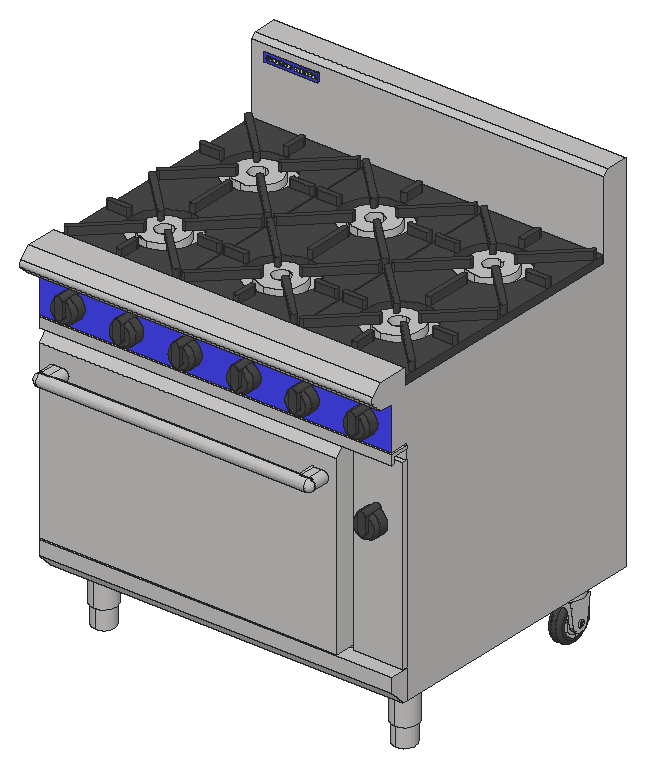
Revit family "QF_MOFFAT_BLUESEAL_CE_GE56D", category Specialty Equipment, Revit 2012
Parameters
  Width = 900 mm  # constant formula
  Weight in Pounds = 440
  Watts = 6600 W
  Volts = 400 V
  URL Cutsheet = "www.moffat.com"
  URL = "www.moffat.com"
  Type Mark [instance] = ""
  Status [instance] = ""
  Specification by User [instance] = ""
  Specification by Manufacturer = ""
  Show Logo [instance] = yes
  Show Clearance [instance] = yes
  Show Casters [instance] = yes
  Serial Number = ""
  Seismic Rating = ""
  SMACNA No = ""
  Revision Code [instance] = ""
  Phase = 3
  Omniclass Number and Title = ""
  Number of Poles [instance] = 1
  NAFEM Spec ID Number = ""
  Model = "GE56D"
  Min Ckt Ampacity = 0 A
  Mechanical Remarks = ""
  Mechanical Connection Type [instance] = ""
  Max Overcurrent Protection = 0 A
  Masterspec = ""
  Manufacturer = "MOFFAT BLUESEAL"
  Legs [instance] = not(Show Casters)  # no
  Item Number [instance] = ""
  Installed By [instance] = ""
  Identify Quantity as Lot [instance] = yes
  Height = 970 mm  # constant formula
  HP = ""
  Gas Size = 3/4"
  Gas RI Height [instance] = 0 mm
  Gas KW [instance] = 46.6
  Gas Input [instance] = 159233.0 Btu/h
  Gas Connection Height = 0 mm
  Furnished By [instance] = ""
  Foodservice Equipment Identifier [instance] = yes
  FL Amps = 9.4 A
  Electrical Remarks = "9.4A PER PHASE"
  Electric Connection Type = ""
  Elec Conn RI Height = 0 mm
  Elec Conn Connection Height = 0 mm
  Description = "900MM GAS RANGE WITH  ELECTRIC CONVECTION OVEN"
  Depth = 812 mm  # constant formula
  Cycle = 50 Hz
  Conn Plug = ""
  Conn Conduit = yes
  CSI MasterFormat = ""
  CSI Master Format = ""
  Body Finish = QF_Finishes_Stainless Steel
  Apparent Power = 0 VA
Reference planes
  plane 1 "BACK": y = 0
  plane 2: z = 0
  plane 3 "LEFT": x = 0
  plane 4 "RIGHT": x = 900
  plane 5 "FRONT": y = -812
  plane 6 "TOP": z = 970
  plane 7 "Center Y": x = 450
  plane 8 "Center X": y = -406
  plane 9: x = 280
  plane 10: y = -574.272
  plane 11: x = 60
  plane 12: y = -304.972
  plane 13: y = -364.972
  plane 14: x = 74
  plane 15: y = -812
  plane 16: x = 834.5
  plane 17: y = -32
  plane 18: z = 655
  plane 19: y = -100
  plane 20: z = 1085
  plane 21: y = -705
  plane 22: x = 65.8
  plane 23: x = 534.2
  plane 24: x = 834.2
Forms (mm)
  Extrusion 1, solid, material "QF_Finishes_Stainless Steel" <- "Body Finish"
    sketch origin (0, 0, 0) x (0, 1, 0) y (0, 0, 1)
      loop
        line (0, 150) -> (0, 1085) -> (-57.5, 1085) -> (-70, 1072.5) -> (-70, 875) -> (-705, 875) -> (-705, 915) -> (-783.97, 915) -> (-808.476, 890.494)
        arc (-808.476, 890.494) -> (-811.994, 882) -> (-808.476, 873.506) r 12.013
        line (-808.476, 873.506) -> (-784.97, 850) -> (-749, 850) -> (-749, 740) -> (-699, 740) -> (-699, 150) -> (0, 150)
    from 0 to 900
  Extrusion 2, solid, material "QF_Finishes_Stainless Steel"
    sketch origin (0, 7, 0) x (0, 1, 0) y (0, 0, 1)
      loop
        line (-706, 700) -> (-732, 700) -> (-756, 676) -> (-756, 227.5) -> (-706, 227.5) -> (-706, 700)
    from 0 to 760
  Extrusion 3, solid, material "QF_Finishes_Stainless Steel"
    sketch origin (723.5, 7, 0) x (0, 1, 0) y (0, 0, 1)
      loop
        line (-706, 700) -> (-721, 700) -> (-721, 227.5) -> (-706, 227.5) -> (-706, 700)
    from 51.5 to 176.5
  Revolve 4, solid, material "QF_Finishes_Stainless Steel" <- "Body Finish"
    sketch origin (834.5, -696.126, 0) x (0, 1, 0) y (0, 0, -1)
      loop
        line (39.376, -150) -> (71.126, -150) -> (71.126, 0) -> (43.626, 0) -> (43.626, -50) -> (39.376, -50) -> (39.376, -150)
      axis (71.126, -150) -> (71.126, 0)
    angle from 0 to 360
  Revolve 5, solid, material "QF_Finishes_Stainless Steel" <- "Body Finish"
    sketch origin (65.5, -696.126, 0) x (0, 1, 0) y (0, 0, 1)
      loop
        line (39.376, 150) -> (39.376, 50) -> (43.626, 50) -> (43.626, 0) -> (71.126, 0) -> (71.126, 150) -> (39.376, 150)
      axis (71.126, 150) -> (71.126, 0)
    angle from 0 to 360
  Extrusion 6, solid, material "QF_Finishes_Stainless Steel"
    sketch origin (-64.5, 0, 325) x (1, 0, 0) y (0, 1, 0)
      loop
        circle (834.5, -32) r 10
    from 330 to 371
  Revolve 7, solid, material "QF_Finishes_Black"
    sketch origin (839.351, 45.874, -0.118) x (0, 1, 0) y (0, 0, 1)
      loop
        line (-827.874, 829.5) -> (-838.874, 823.651) -> (-838.874, 797) -> (-794.874, 797) -> (-794.874, 802) -> (-804.874, 802) -> (-804.874, 829.5) -> (-827.874, 829.5)
      axis (-838.874, 797) -> (-794.874, 797)
    angle from 0 to 360
  Revolve 8, solid, material "QF_Finishes_Black"
    sketch origin (689.351, 45.874, -0.118) x (0, 1, 0) y (0, 0, 1)
      loop
        line (-827.874, 829.5) -> (-838.874, 823.651) -> (-838.874, 797) -> (-794.874, 797) -> (-794.874, 802) -> (-804.874, 802) -> (-804.874, 829.5) -> (-827.874, 829.5)
      axis (-838.874, 797) -> (-794.874, 797)
    angle from 0 to 360
  Revolve 9, solid, material "QF_Finishes_Black"
    sketch origin (90.649, 45.874, -0.118) x (0, 1, 0) y (0, 0, -1)
      loop
        line (-827.874, -829.5) -> (-804.874, -829.5) -> (-804.874, -802) -> (-794.874, -802) -> (-794.874, -797) -> (-838.874, -797) -> (-838.874, -823.651) -> (-827.874, -829.5)
      axis (-838.874, -797) -> (-794.874, -797)
    angle from 0 to 360
  Revolve 10, solid, material "QF_Finishes_Black"
    sketch origin (240.649, 45.874, -0.118) x (0, 1, 0) y (0, 0, -1)
      loop
        line (-827.874, -829.5) -> (-804.874, -829.5) -> (-804.874, -802) -> (-794.874, -802) -> (-794.874, -797) -> (-838.874, -797) -> (-838.874, -823.651) -> (-827.874, -829.5)
      axis (-838.874, -797) -> (-794.874, -797)
    angle from 0 to 360
  Revolve 11, solid, material "QF_Finishes_Black"
    sketch origin (390.625, 45.874, -0.118) x (0, 1, 0) y (0, 0, -1)
      loop
        line (-827.874, -829.5) -> (-804.874, -829.5) -> (-804.874, -802) -> (-794.874, -802) -> (-794.874, -797) -> (-838.874, -797) -> (-838.874, -823.651) -> (-827.874, -829.5)
      axis (-838.874, -797) -> (-794.874, -797)
    angle from 0 to 360
  Extrusion 12, solid, material "QF_Finishes_Black"
    sketch origin (238.456, 7, -0.118) x (-1, 0, 0) y (0, 0, -1)
      loop
        arc (158.3, -789) -> (148.3, -779) -> (138.3, -789) r 10
        line (138.3, -789) -> (138.3, -824)
        arc (138.3, -824) -> (148.3, -834) -> (158.3, -824) r 10
        line (158.3, -824) -> (158.3, -789)
    from 759 to 808
  Extrusion 13, solid, material "QF_Finishes_Black"
    sketch origin (388.456, 7, -0.118) x (-1, 0, 0) y (0, 0, -1)
      loop
        arc (158.3, -789) -> (148.3, -779) -> (138.3, -789) r 10
        line (138.3, -789) -> (138.3, -824)
        arc (138.3, -824) -> (148.3, -834) -> (158.3, -824) r 10
        line (158.3, -824) -> (158.3, -789)
    from 759 to 808
  Extrusion 14, solid, material "QF_Finishes_Black"
    sketch origin (691.544, 7, -0.118) x (1, 0, 0) y (0, 0, 1)
      loop
        line (158.3, 789) -> (158.3, 824)
        arc (158.3, 824) -> (148.3, 834) -> (138.3, 824) r 10
        line (138.3, 824) -> (138.3, 789)
        arc (138.3, 789) -> (148.3, 779) -> (158.3, 789) r 10
    from 759 to 808
  Extrusion 15, solid, material "QF_Finishes_Black"
    sketch origin (541.544, 7, -0.118) x (1, 0, 0) y (0, 0, 1)
      loop
        line (158.3, 789) -> (158.3, 824)
        arc (158.3, 824) -> (148.3, 834) -> (138.3, 824) r 10
        line (138.3, 824) -> (138.3, 789)
        arc (138.3, 789) -> (148.3, 779) -> (158.3, 789) r 10
    from 759 to 808
  Extrusion 16, solid, material "QF_Finishes_Black"
    sketch origin (538.432, 7, -0.118) x (-1, 0, 0) y (0, 0, -1)
      loop
        arc (158.3, -789) -> (148.3, -779) -> (138.3, -789) r 10
        line (138.3, -789) -> (138.3, -824)
        arc (138.3, -824) -> (148.3, -834) -> (158.3, -824) r 10
        line (158.3, -824) -> (158.3, -789)
    from 759 to 808
  Extrusion 17, solid, material "QF_Finishes_Black"
    sketch origin (688.432, 7, -0.118) x (-1, 0, 0) y (0, 0, -1)
      loop
        arc (158.3, -789) -> (148.3, -779) -> (138.3, -789) r 10
        line (138.3, -789) -> (138.3, -824)
        arc (138.3, -824) -> (148.3, -834) -> (158.3, -824) r 10
        line (158.3, -824) -> (158.3, -789)
    from 759 to 808
  Revolve 18, solid, material "QF_Finishes_Black"
    sketch origin (836.851, 80.874, -245.743) x (0, 1, 0) y (0, 0, 1)
      loop
        line (-827.874, 829.5) -> (-838.874, 823.651) -> (-838.874, 797) -> (-794.874, 797) -> (-794.874, 802) -> (-804.874, 802) -> (-804.874, 829.5) -> (-827.874, 829.5)
      axis (-838.874, 797) -> (-794.874, 797)
    angle from 0 to 360
  Extrusion 19, solid, material "QF_Finishes_Black"
    sketch origin (689.044, 42, -245.743) x (1, 0, 0) y (0, 0, 1)
      loop
        line (158.3, 789) -> (158.3, 824)
        arc (158.3, 824) -> (148.3, 834) -> (138.3, 824) r 10
        line (138.3, 824) -> (138.3, 789)
        arc (138.3, 789) -> (148.3, 779) -> (158.3, 789) r 10
    from 759 to 808
  Extrusion 20, solid, material "QF_Door-Drawer Clearances", visible <- "Show Clearance", detail levels coarse
    sketch origin (0, 7, 0) x (0, -1, 0) y (0, 0, 1)
      loop
        line (756, 697.347) -> (756, 227.5) -> (1225.847, 227.5)
        arc (1225.847, 227.5) -> (1088.232, 559.732) -> (756, 697.347) r 469.847
    from 0 to -760
  Extrusion 21, void
    sketch origin (0, 0, 220) x (1, 0, 0) y (0, 1, 0)
      loop
        line (824, -87) -> (824, 0) -> (694, 0) -> (694, -39) -> (744, -87) -> (824, -87)
    from 0 to 476
  Revolve 22, solid, material "QF_Finishes_Black"
    sketch origin (540.625, 45.874, -0.118) x (0, 1, 0) y (0, 0, -1)
      loop
        line (-827.874, -829.5) -> (-804.874, -829.5) -> (-804.874, -802) -> (-794.874, -802) -> (-794.874, -797) -> (-838.874, -797) -> (-838.874, -823.651) -> (-827.874, -829.5)
      axis (-838.874, -797) -> (-794.874, -797)
    angle from 0 to 360
  Extrusion 23, solid, material "QF_Finishes_Stainless Steel"
    sketch origin (0, -749, 227.5) x (0, 0, 1) y (-1, 0, 0)
      loop
        line (380.625, -38.246) -> (380.625, -58.528)
        arc (380.625, -58.528) -> (395.625, -73.528) -> (410.625, -58.528) r 15
        line (410.625, -58.528) -> (410.625, -38.246)
        arc (410.625, -38.246) -> (395.625, -23.246) -> (380.625, -38.246) r 15
      loop
        arc (380.625, -723.039) -> (395.625, -738.039) -> (410.625, -723.039) r 15
        line (410.625, -723.039) -> (410.625, -702.757)
        arc (410.625, -702.757) -> (395.625, -687.757) -> (380.625, -702.757) r 15
        line (380.625, -702.757) -> (380.625, -723.039)
    from 0 to 44
  Revolve 24, solid, material "QF_Finishes_Stainless Steel"
    sketch origin (0, -793, 0) x (1, 0, 0) y (0, 0, 1)
      loop
        arc (738.039, 623.125) -> (733.646, 633.732) -> (723.039, 638.125) r 15
        line (723.039, 638.125) -> (38.246, 638.125)
        arc (38.246, 638.125) -> (27.64, 633.732) -> (23.246, 623.125) r 15
        line (23.246, 623.125) -> (738.039, 623.125)
      axis (738.039, 623.125) -> (23.246, 623.125)
    angle from 0 to 360
  Extrusion 25, solid, material "QF_Finishes_Stainless Steel" <- "Body Finish"
    sketch origin (0, 7, 0) x (0, 1, 0) y (0, 0, 1)
      loop
        line (-756, 710) -> (-747.224, 710) -> (-749.613, 726.999) -> (-707.93, 726.999) -> (-707.93, 734.003) -> (-756, 734.003) -> (-756, 710)
    from 0 to 900
  Extrusion 26, solid, material "QF_Finishes_Stainless Steel" <- "Body Finish"
    sketch origin (0, 4.73, 0) x (0, 1, 0) y (0, 0, 1)
      loop
        line (-753.73, 222.5) -> (-753.73, 186) -> (-717.73, 150) -> (-703.73, 150) -> (-703.73, 222.5) -> (-753.73, 222.5)
    from 0 to 900
  Extrusion 27, solid, material "QF_Finishes_Stainless Steel", visible <- "Show Casters"
    sketch origin (71.501, 133.353, -8.783) x (0, 1, 0) y (0, 0, 1)
      loop
        line (-201.603, 118.783) -> (-265.103, 118.783) -> (-252.746, 53.895)
        arc (-252.746, 53.895) -> (-233.353, 38.783) -> (-213.959, 53.895) r 20
        line (-213.959, 53.895) -> (-201.603, 118.783)
    from -35.667 to 22.923
  Revolve 28, solid, material "QF_Finishes_Stainless Steel", visible <- "Show Casters"
    sketch origin (65, -203, 0) x (0, 1, 0) y (0, 0, 1)
      loop
        line (67.25, 150) -> (67.25, 110) -> (103, 110) -> (103, 150) -> (67.25, 150)
      axis (103, 150) -> (103, 110)
    angle from 0 to 360
  Revolve 29, solid, material "QF_Finishes_Stainless Steel", visible <- "Show Casters"
    sketch origin (834.5, -203, 0) x (0, 1, 0) y (0, 0, -1)
      loop
        line (67.25, -150) -> (103, -150) -> (103, -110) -> (67.25, -110) -> (67.25, -150)
      axis (103, -150) -> (103, -110)
    angle from 0 to 360
  Revolve 30, solid, material "QF_Finishes_Stainless Steel", visible <- "Show Casters"
    sketch origin (785.276, -99.755, -13.653) x (1, 0, 0) y (0, 0, 1)
      loop
        line (14.841, 64.453) -> (83.584, 64.453) -> (83.584, 67.958) -> (82.314, 69.228) -> (80.79, 69.228) -> (80.79, 72.674) -> (68.644, 72.674) -> (68.644, 82.639) -> (65.088, 84.692) -> (63.738, 93.028) -> (65.881, 93.028) -> (65.881, 99.378) -> (65.088, 99.378) -> (65.088, 105.728)
        arc (65.088, 105.728) -> (62.298, 112.463) -> (55.563, 115.253) r 9.525
        line (55.563, 115.253) -> (42.863, 115.253)
        arc (42.863, 115.253) -> (36.127, 112.463) -> (33.338, 105.728) r 9.525
        line (33.338, 105.728) -> (33.338, 99.378) -> (32.544, 99.378) -> (32.544, 93.028) -> (34.687, 93.028) -> (33.352, 84.781) -> (29.782, 82.719) -> (29.782, 72.674) -> (17.635, 72.674) -> (17.635, 69.228) -> (16.111, 69.228) -> (14.841, 67.958) -> (14.841, 64.453)
      axis (14.841, 64.453) -> (83.584, 64.453)
    angle from 0 to 360
  Extrusion 31, solid, material "QF_Finishes_Stainless Steel", visible <- "Show Casters"
    sketch origin (841.001, 133.353, -8.783) x (0, 1, 0) y (0, 0, 1)
      loop
        line (-201.603, 118.783) -> (-265.103, 118.783) -> (-252.746, 53.895)
        arc (-252.746, 53.895) -> (-233.353, 38.783) -> (-213.959, 53.895) r 20
        line (-213.959, 53.895) -> (-201.603, 118.783)
    from -35.667 to 22.923
  Revolve 32, solid, material "QF_Finishes_Stainless Steel", visible <- "Legs"
    sketch origin (65, -165, 0) x (0, 1, 0) y (0, 0, 1)
      loop
        line (33.25, 150) -> (33.25, 50) -> (37.5, 50) -> (37.5, 0) -> (65, 0) -> (65, 150) -> (33.25, 150)
      axis (65, 150) -> (65, 0)
    angle from 0 to 360
  Revolve 33, solid, material "QF_Finishes_Stainless Steel", visible <- "Legs"
    sketch origin (834.5, -165, 0) x (0, 1, 0) y (0, 0, -1)
      loop
        line (33.25, -150) -> (65, -150) -> (65, 0) -> (37.5, 0) -> (37.5, -50) -> (33.25, -50) -> (33.25, -150)
      axis (65, -150) -> (65, 0)
    angle from 0 to 360
  Revolve 34, solid, material "QF_Finishes_Stainless Steel", visible <- "Show Casters"
    sketch origin (114.224, -99.755, -13.653) x (-1, 0, 0) y (0, 0, -1)
      loop
        line (14.841, -64.453) -> (14.841, -67.958) -> (16.111, -69.228) -> (17.635, -69.228) -> (17.635, -72.674) -> (29.782, -72.674) -> (29.782, -82.719) -> (33.352, -84.781) -> (34.687, -93.028) -> (32.544, -93.028) -> (32.544, -99.378) -> (33.338, -99.378) -> (33.338, -105.728)
        arc (33.338, -105.728) -> (36.127, -112.463) -> (42.863, -115.253) r 9.525
        line (42.863, -115.253) -> (55.563, -115.253)
        arc (55.563, -115.253) -> (62.298, -112.463) -> (65.088, -105.728) r 9.525
        line (65.088, -105.728) -> (65.088, -99.378) -> (65.881, -99.378) -> (65.881, -93.028) -> (63.738, -93.028) -> (65.088, -84.692) -> (68.644, -82.639) -> (68.644, -72.674) -> (80.79, -72.674) -> (80.79, -69.228) -> (82.314, -69.228) -> (83.584, -67.958) -> (83.584, -64.453) -> (14.841, -64.453)
      axis (14.841, -64.453) -> (83.584, -64.453)
    angle from 0 to 360
  Extrusion 35, solid, material "QF_Finishes_Black"
    sketch origin (0, -70, 875) x (0, -1, 0) y (1, 0, 0)
      loop
        arc (1, 4) -> (1.879, 1.879) -> (4, 1) r 3
        line (4, 1) -> (632, 1)
        arc (632, 1) -> (634.121, 1.879) -> (635, 4) r 3
        line (635, 4) -> (635, 297)
        arc (635, 297) -> (634.121, 299.121) -> (632, 300) r 3
        line (632, 300) -> (4, 300)
        arc (4, 300) -> (1.879, 299.121) -> (1, 297) r 3
        line (1, 297) -> (1, 4)
      loop
        circle (167.5, 150) r 85
      loop
        circle (467.768, 150) r 85
    from 0 to 19.5
  Extrusion 36, solid, material "QF_Finishes_Black"
    sketch origin (0, -73.5, 894.5) x (0, -1, 0) y (1, 0, 0)
      loop
        spline (323.602, 15.153) -> (322.681, 13.924) -> (322.131, 12.47) -> (321.99, 10.89) -> (322.267, 9.292) -> (322.943, 7.786) -> (323.973, 6.473) -> (325.286, 5.443) -> (326.792, 4.767) -> (328.39, 4.49) -> (329.97, 4.631) -> (331.424, 5.181) -> (332.653, 6.102)
        line (332.653, 6.102) -> (440.576, 114.025)
        spline (440.576, 114.025) -> (441.337, 115.095) -> (441.738, 116.399) -> (441.751, 117.851) -> (441.375, 119.35) -> (440.637, 120.795) -> (439.586, 122.086) -> (438.295, 123.137) -> (436.85, 123.875) -> (435.351, 124.251) -> (433.899, 124.238) -> (432.595, 123.837) -> (431.525, 123.076)
        line (431.525, 123.076) -> (323.602, 15.153)
      loop
        spline (371.852, 143.6) -> (373.146, 143.818) -> (374.352, 144.457) -> (375.388, 145.475) -> (376.182, 146.8) -> (376.682, 148.344) -> (376.852, 150) -> (376.682, 151.656) -> (376.182, 153.2) -> (375.388, 154.525) -> (374.352, 155.543) -> (373.146, 156.182) -> (371.852, 156.4)
        line (371.852, 156.4) -> (259.398, 156.4)
        spline (259.398, 156.4) -> (258.104, 156.182) -> (256.898, 155.543) -> (255.862, 154.525) -> (255.068, 153.2) -> (254.568, 151.656) -> (254.398, 150) -> (254.568, 148.344) -> (255.068, 146.8) -> (255.862, 145.475) -> (256.898, 144.457) -> (258.104, 143.818) -> (259.398, 143.6)
        line (259.398, 143.6) -> (371.852, 143.6)
      loop
        line (311.398, 15.153) -> (203.475, 123.076)
        spline (203.475, 123.076) -> (202.405, 123.837) -> (201.101, 124.238) -> (199.649, 124.251) -> (198.15, 123.875) -> (196.705, 123.137) -> (195.414, 122.086) -> (194.363, 120.795) -> (193.625, 119.35) -> (193.249, 117.851) -> (193.262, 116.399) -> (193.663, 115.095) -> (194.424, 114.025)
        line (194.424, 114.025) -> (302.347, 6.102)
        spline (302.347, 6.102) -> (303.416, 5.341) -> (304.721, 4.941) -> (306.172, 4.928) -> (307.671, 5.303) -> (309.116, 6.041) -> (310.408, 7.092) -> (311.459, 8.384) -> (312.197, 9.829) -> (312.572, 11.328) -> (312.559, 12.779) -> (312.159, 14.084) -> (311.398, 15.153)
      loop
        line (323.602, 284.847) -> (431.525, 176.924)
        spline (431.525, 176.924) -> (432.595, 176.163) -> (433.899, 175.762) -> (435.351, 175.749) -> (436.85, 176.125) -> (438.295, 176.863) -> (439.586, 177.914) -> (440.637, 179.205) -> (441.375, 180.65) -> (441.751, 182.149) -> (441.738, 183.601) -> (441.337, 184.905) -> (440.576, 185.975)
        line (440.576, 185.975) -> (332.653, 293.898)
        spline (332.653, 293.898) -> (331.424, 294.819) -> (329.97, 295.369) -> (328.39, 295.51) -> (326.792, 295.233) -> (325.286, 294.557) -> (323.973, 293.527) -> (322.943, 292.214) -> (322.267, 290.708) -> (321.99, 289.11) -> (322.131, 287.53) -> (322.681, 286.076) -> (323.602, 284.847)
      loop
        spline (311.398, 284.847) -> (312.159, 285.916) -> (312.559, 287.221) -> (312.572, 288.672) -> (312.197, 290.171) -> (311.459, 291.616) -> (310.408, 292.908) -> (309.116, 293.959) -> (307.671, 294.697) -> (306.172, 295.072) -> (304.721, 295.059) -> (303.416, 294.659) -> (302.347, 293.898)
        line (302.347, 293.898) -> (194.424, 185.975)
        spline (194.424, 185.975) -> (193.663, 184.905) -> (193.262, 183.601) -> (193.249, 182.149) -> (193.625, 180.65) -> (194.363, 179.205) -> (195.414, 177.914) -> (196.705, 176.863) -> (198.15, 176.125) -> (199.649, 175.749) -> (201.101, 175.762) -> (202.405, 176.163) -> (203.475, 176.924)
        line (203.475, 176.924) -> (311.398, 284.847)
      loop
        spline (73.549, 143.6) -> (74.844, 143.818) -> (76.049, 144.457) -> (77.085, 145.475) -> (77.88, 146.8) -> (78.379, 148.344) -> (78.549, 150) -> (78.379, 151.656) -> (77.88, 153.2) -> (77.085, 154.525) -> (76.049, 155.543) -> (74.844, 156.182) -> (73.549, 156.4)
        line (73.549, 156.4) -> (25.093, 156.4)
        spline (25.093, 156.4) -> (23.799, 156.182) -> (22.593, 155.543) -> (21.558, 154.525) -> (20.763, 153.2) -> (20.264, 151.656) -> (20.093, 150) -> (20.264, 148.344) -> (20.763, 146.8) -> (21.558, 145.475) -> (22.593, 144.457) -> (23.799, 143.818) -> (25.093, 143.6)
        line (25.093, 143.6) -> (73.549, 143.6)
      loop
        spline (608.1, 143.6) -> (609.394, 143.818) -> (610.6, 144.457) -> (611.636, 145.475) -> (612.43, 146.8) -> (612.93, 148.344) -> (613.1, 150) -> (612.93, 151.656) -> (612.43, 153.2) -> (611.636, 154.525) -> (610.6, 155.543) -> (609.394, 156.182) -> (608.1, 156.4)
        line (608.1, 156.4) -> (558.644, 156.4)
        spline (558.644, 156.4) -> (557.35, 156.182) -> (556.144, 155.543) -> (555.108, 154.525) -> (554.314, 153.2) -> (553.814, 151.656) -> (553.644, 150) -> (553.814, 148.344) -> (554.314, 146.8) -> (555.108, 145.475) -> (556.144, 144.457) -> (557.35, 143.818) -> (558.644, 143.6)
        line (558.644, 143.6) -> (608.1, 143.6)
      loop
        spline (457.6, 10.156) -> (457.818, 8.862) -> (458.457, 7.656) -> (459.475, 6.62) -> (460.8, 5.826) -> (462.344, 5.326) -> (464, 5.156) -> (465.656, 5.326) -> (467.2, 5.826) -> (468.525, 6.62) -> (469.543, 7.656) -> (470.182, 8.862) -> (470.4, 10.156)
        line (470.4, 10.156) -> (470.4, 58.612)
        spline (470.4, 58.612) -> (470.182, 59.906) -> (469.543, 61.112) -> (468.525, 62.148) -> (467.2, 62.942) -> (465.656, 63.442) -> (464, 63.612) -> (462.344, 63.442) -> (460.8, 62.942) -> (459.475, 62.148) -> (458.457, 61.112) -> (457.818, 59.906) -> (457.6, 58.612)
        line (457.6, 58.612) -> (457.6, 10.156)
      loop
        spline (160.966, 10.156) -> (161.184, 8.862) -> (161.823, 7.656) -> (162.841, 6.62) -> (164.166, 5.826) -> (165.71, 5.326) -> (167.366, 5.156) -> (169.022, 5.326) -> (170.566, 5.826) -> (171.892, 6.62) -> (172.909, 7.656) -> (173.548, 8.862) -> (173.766, 10.156)
        line (173.766, 10.156) -> (173.766, 58.612)
        spline (173.766, 58.612) -> (173.548, 59.906) -> (172.909, 61.112) -> (171.892, 62.148) -> (170.566, 62.942) -> (169.022, 63.442) -> (167.366, 63.612) -> (165.71, 63.442) -> (164.166, 62.942) -> (162.841, 62.148) -> (161.823, 61.112) -> (161.184, 59.906) -> (160.966, 58.612)
        line (160.966, 58.612) -> (160.966, 10.156)
      loop
        spline (457.6, 241.636) -> (457.818, 240.342) -> (458.457, 239.136) -> (459.475, 238.1) -> (460.8, 237.306) -> (462.344, 236.806) -> (464, 236.636) -> (465.656, 236.806) -> (467.2, 237.306) -> (468.525, 238.1) -> (469.543, 239.136) -> (470.182, 240.342) -> (470.4, 241.636)
        line (470.4, 241.636) -> (470.4, 290.092)
        spline (470.4, 290.092) -> (470.182, 291.386) -> (469.543, 292.592) -> (468.525, 293.628) -> (467.2, 294.422) -> (465.656, 294.922) -> (464, 295.092) -> (462.344, 294.922) -> (460.8, 294.422) -> (459.475, 293.628) -> (458.457, 292.592) -> (457.818, 291.386) -> (457.6, 290.092)
        line (457.6, 290.092) -> (457.6, 241.636)
      loop
        spline (160.966, 241.636) -> (161.184, 240.342) -> (161.823, 239.136) -> (162.841, 238.1) -> (164.166, 237.306) -> (165.71, 236.806) -> (167.366, 236.636) -> (169.022, 236.806) -> (170.566, 237.306) -> (171.892, 238.1) -> (172.909, 239.136) -> (173.548, 240.342) -> (173.766, 241.636)
        line (173.766, 241.636) -> (173.766, 290.092)
        spline (173.766, 290.092) -> (173.548, 291.386) -> (172.909, 292.592) -> (171.892, 293.628) -> (170.566, 294.422) -> (169.022, 294.922) -> (167.366, 295.092) -> (165.71, 294.922) -> (164.166, 294.422) -> (162.841, 293.628) -> (161.823, 292.592) -> (161.184, 291.386) -> (160.966, 290.092)
        line (160.966, 290.092) -> (160.966, 241.636)
      loop
        line (604.398, 15.153) -> (496.475, 123.076)
        spline (496.475, 123.076) -> (495.405, 123.837) -> (494.101, 124.238) -> (492.649, 124.251) -> (491.15, 123.875) -> (489.705, 123.137) -> (488.414, 122.086) -> (487.363, 120.795) -> (486.625, 119.35) -> (486.249, 117.851) -> (486.262, 116.399) -> (486.663, 115.095) -> (487.424, 114.025)
        line (487.424, 114.025) -> (595.347, 6.102)
        spline (595.347, 6.102) -> (596.576, 5.181) -> (598.03, 4.631) -> (599.61, 4.49) -> (601.208, 4.767) -> (602.714, 5.443) -> (604.027, 6.473) -> (605.057, 7.786) -> (605.733, 9.292) -> (606.01, 10.89) -> (605.869, 12.47) -> (605.319, 13.924) -> (604.398, 15.153)
      loop
        spline (604.398, 284.847) -> (605.319, 286.076) -> (605.869, 287.53) -> (606.01, 289.11) -> (605.733, 290.708) -> (605.057, 292.214) -> (604.027, 293.527) -> (602.714, 294.557) -> (601.208, 295.233) -> (599.61, 295.51) -> (598.03, 295.369) -> (596.576, 294.819) -> (595.347, 293.898)
        line (595.347, 293.898) -> (487.424, 185.975)
        spline (487.424, 185.975) -> (486.663, 184.905) -> (486.262, 183.601) -> (486.249, 182.149) -> (486.625, 180.65) -> (487.363, 179.205) -> (488.414, 177.914) -> (489.705, 176.863) -> (491.15, 176.125) -> (492.649, 175.749) -> (494.101, 175.762) -> (495.405, 176.163) -> (496.475, 176.924)
        line (496.475, 176.924) -> (604.398, 284.847)
      loop
        spline (16.602, 15.153) -> (15.841, 14.084) -> (15.441, 12.779) -> (15.428, 11.328) -> (15.803, 9.829) -> (16.541, 8.384) -> (17.592, 7.092) -> (18.884, 6.041) -> (20.329, 5.303) -> (21.828, 4.928) -> (23.279, 4.941) -> (24.584, 5.341) -> (25.653, 6.102)
        line (25.653, 6.102) -> (133.576, 114.025)
        spline (133.576, 114.025) -> (134.337, 115.095) -> (134.738, 116.399) -> (134.751, 117.851) -> (134.375, 119.35) -> (133.637, 120.795) -> (132.586, 122.086) -> (131.295, 123.137) -> (129.85, 123.875) -> (128.351, 124.251) -> (126.899, 124.238) -> (125.595, 123.837) -> (124.525, 123.076)
        line (124.525, 123.076) -> (16.602, 15.153)
      loop
        line (16.602, 284.847) -> (124.525, 176.924)
        spline (124.525, 176.924) -> (125.595, 176.163) -> (126.899, 175.762) -> (128.351, 175.749) -> (129.85, 176.125) -> (131.295, 176.863) -> (132.586, 177.914) -> (133.637, 179.205) -> (134.375, 180.65) -> (134.751, 182.149) -> (134.738, 183.601) -> (134.337, 184.905) -> (133.576, 185.975)
        line (133.576, 185.975) -> (25.653, 293.898)
        spline (25.653, 293.898) -> (24.584, 294.659) -> (23.279, 295.059) -> (21.828, 295.072) -> (20.329, 294.697) -> (18.884, 293.959) -> (17.592, 292.908) -> (16.541, 291.616) -> (15.803, 290.171) -> (15.428, 288.672) -> (15.441, 287.221) -> (15.841, 285.916) -> (16.602, 284.847)
      loop
        line (323.602, 584.847) -> (431.525, 476.924)
        spline (431.525, 476.924) -> (432.595, 476.163) -> (433.899, 475.762) -> (435.351, 475.749) -> (436.85, 476.125) -> (438.295, 476.863) -> (439.586, 477.914) -> (440.637, 479.205) -> (441.375, 480.65) -> (441.751, 482.149) -> (441.738, 483.601) -> (441.337, 484.905) -> (440.576, 485.975)
        line (440.576, 485.975) -> (332.653, 593.898)
        spline (332.653, 593.898) -> (331.424, 594.819) -> (329.97, 595.369) -> (328.39, 595.51) -> (326.792, 595.233) -> (325.286, 594.557) -> (323.973, 593.527) -> (322.943, 592.214) -> (322.267, 590.708) -> (321.99, 589.11) -> (322.131, 587.53) -> (322.681, 586.076) -> (323.602, 584.847)
      loop
        line (371.852, 456.4) -> (259.398, 456.4)
        spline (259.398, 456.4) -> (258.104, 456.182) -> (256.898, 455.543) -> (255.862, 454.525) -> (255.068, 453.2) -> (254.568, 451.656) -> (254.398, 450) -> (254.568, 448.344) -> (255.068, 446.8) -> (255.862, 445.475) -> (256.898, 444.457) -> (258.104, 443.818) -> (259.398, 443.6)
        line (259.398, 443.6) -> (371.852, 443.6)
        spline (371.852, 443.6) -> (373.146, 443.818) -> (374.352, 444.457) -> (375.388, 445.475) -> (376.182, 446.8) -> (376.682, 448.344) -> (376.852, 450) -> (376.682, 451.656) -> (376.182, 453.2) -> (375.388, 454.525) -> (374.352, 455.543) -> (373.146, 456.182) -> (371.852, 456.4)
      loop
        spline (311.398, 584.847) -> (312.159, 585.916) -> (312.559, 587.221) -> (312.572, 588.672) -> (312.197, 590.171) -> (311.459, 591.616) -> (310.408, 592.908) -> (309.116, 593.959) -> (307.671, 594.697) -> (306.172, 595.072) -> (304.721, 595.059) -> (303.416, 594.659) -> (302.347, 593.898)
        line (302.347, 593.898) -> (194.424, 485.975)
        spline (194.424, 485.975) -> (193.663, 484.905) -> (193.262, 483.601) -> (193.249, 482.149) -> (193.625, 480.65) -> (194.363, 479.205) -> (195.414, 477.914) -> (196.705, 476.863) -> (198.15, 476.125) -> (199.649, 475.749) -> (201.101, 475.762) -> (202.405, 476.163) -> (203.475, 476.924)
        line (203.475, 476.924) -> (311.398, 584.847)
      loop
        spline (323.602, 315.153) -> (322.681, 313.924) -> (322.131, 312.47) -> (321.99, 310.89) -> (322.267, 309.292) -> (322.943, 307.786) -> (323.973, 306.473) -> (325.286, 305.443) -> (326.792, 304.767) -> (328.39, 304.49) -> (329.97, 304.631) -> (331.424, 305.181) -> (332.653, 306.102)
        line (332.653, 306.102) -> (440.576, 414.025)
        spline (440.576, 414.025) -> (441.337, 415.095) -> (441.738, 416.399) -> (441.751, 417.851) -> (441.375, 419.35) -> (440.637, 420.795) -> (439.586, 422.086) -> (438.295, 423.137) -> (436.85, 423.875) -> (435.351, 424.251) -> (433.899, 424.238) -> (432.595, 423.837) -> (431.525, 423.076)
        line (431.525, 423.076) -> (323.602, 315.153)
      loop
        line (311.398, 315.153) -> (203.475, 423.076)
        spline (203.475, 423.076) -> (202.405, 423.837) -> (201.101, 424.238) -> (199.649, 424.251) -> (198.15, 423.875) -> (196.705, 423.137) -> (195.414, 422.086) -> (194.363, 420.795) -> (193.625, 419.35) -> (193.249, 417.851) -> (193.262, 416.399) -> (193.663, 415.095) -> (194.424, 414.025)
        line (194.424, 414.025) -> (302.347, 306.102)
        spline (302.347, 306.102) -> (303.416, 305.341) -> (304.721, 304.941) -> (306.172, 304.928) -> (307.671, 305.303) -> (309.116, 306.041) -> (310.408, 307.092) -> (311.459, 308.384) -> (312.197, 309.829) -> (312.572, 311.328) -> (312.559, 312.779) -> (312.159, 314.084) -> (311.398, 315.153)
      loop
        line (73.549, 456.4) -> (25.093, 456.4)
        spline (25.093, 456.4) -> (23.799, 456.182) -> (22.593, 455.543) -> (21.558, 454.525) -> (20.763, 453.2) -> (20.264, 451.656) -> (20.093, 450) -> (20.264, 448.344) -> (20.763, 446.8) -> (21.558, 445.475) -> (22.593, 444.457) -> (23.799, 443.818) -> (25.093, 443.6)
        line (25.093, 443.6) -> (73.549, 443.6)
        spline (73.549, 443.6) -> (74.844, 443.818) -> (76.049, 444.457) -> (77.085, 445.475) -> (77.88, 446.8) -> (78.379, 448.344) -> (78.549, 450) -> (78.379, 451.656) -> (77.88, 453.2) -> (77.085, 454.525) -> (76.049, 455.543) -> (74.844, 456.182) -> (73.549, 456.4)
      loop
        line (608.1, 456.4) -> (558.644, 456.4)
        spline (558.644, 456.4) -> (557.35, 456.182) -> (556.144, 455.543) -> (555.108, 454.525) -> (554.314, 453.2) -> (553.814, 451.656) -> (553.644, 450) -> (553.814, 448.344) -> (554.314, 446.8) -> (555.108, 445.475) -> (556.144, 444.457) -> (557.35, 443.818) -> (558.644, 443.6)
        line (558.644, 443.6) -> (608.1, 443.6)
        spline (608.1, 443.6) -> (609.394, 443.818) -> (610.6, 444.457) -> (611.636, 445.475) -> (612.43, 446.8) -> (612.93, 448.344) -> (613.1, 450) -> (612.93, 451.656) -> (612.43, 453.2) -> (611.636, 454.525) -> (610.6, 455.543) -> (609.394, 456.182) -> (608.1, 456.4)
      loop
        line (457.6, 589.844) -> (457.6, 541.388)
        spline (457.6, 541.388) -> (457.818, 540.094) -> (458.457, 538.888) -> (459.475, 537.852) -> (460.8, 537.058) -> (462.344, 536.558) -> (464, 536.388) -> (465.656, 536.558) -> (467.2, 537.058) -> (468.525, 537.852) -> (469.543, 538.888) -> (470.182, 540.094) -> (470.4, 541.388)
        line (470.4, 541.388) -> (470.4, 589.844)
        spline (470.4, 589.844) -> (470.182, 591.138) -> (469.543, 592.344) -> (468.525, 593.38) -> (467.2, 594.174) -> (465.656, 594.674) -> (464, 594.844) -> (462.344, 594.674) -> (460.8, 594.174) -> (459.475, 593.38) -> (458.457, 592.344) -> (457.818, 591.138) -> (457.6, 589.844)
      loop
        line (160.966, 589.844) -> (160.966, 541.388)
        spline (160.966, 541.388) -> (161.184, 540.094) -> (161.823, 538.888) -> (162.841, 537.852) -> (164.166, 537.058) -> (165.71, 536.558) -> (167.366, 536.388) -> (169.022, 536.558) -> (170.566, 537.058) -> (171.892, 537.852) -> (172.909, 538.888) -> (173.548, 540.094) -> (173.766, 541.388)
        line (173.766, 541.388) -> (173.766, 589.844)
        spline (173.766, 589.844) -> (173.548, 591.138) -> (172.909, 592.344) -> (171.892, 593.38) -> (170.566, 594.174) -> (169.022, 594.674) -> (167.366, 594.844) -> (165.71, 594.674) -> (164.166, 594.174) -> (162.841, 593.38) -> (161.823, 592.344) -> (161.184, 591.138) -> (160.966, 589.844)
      loop
        line (457.6, 358.364) -> (457.6, 309.908)
        spline (457.6, 309.908) -> (457.818, 308.614) -> (458.457, 307.408) -> (459.475, 306.372) -> (460.8, 305.578) -> (462.344, 305.078) -> (464, 304.908) -> (465.656, 305.078) -> (467.2, 305.578) -> (468.525, 306.372) -> (469.543, 307.408) -> (470.182, 308.614) -> (470.4, 309.908)
        line (470.4, 309.908) -> (470.4, 358.364)
        spline (470.4, 358.364) -> (470.182, 359.658) -> (469.543, 360.864) -> (468.525, 361.9) -> (467.2, 362.694) -> (465.656, 363.194) -> (464, 363.364) -> (462.344, 363.194) -> (460.8, 362.694) -> (459.475, 361.9) -> (458.457, 360.864) -> (457.818, 359.658) -> (457.6, 358.364)
      loop
        line (160.966, 358.364) -> (160.966, 309.908)
        spline (160.966, 309.908) -> (161.184, 308.614) -> (161.823, 307.408) -> (162.841, 306.372) -> (164.166, 305.578) -> (165.71, 305.078) -> (167.366, 304.908) -> (169.022, 305.078) -> (170.566, 305.578) -> (171.892, 306.372) -> (172.909, 307.408) -> (173.548, 308.614) -> (173.766, 309.908)
        line (173.766, 309.908) -> (173.766, 358.364)
        spline (173.766, 358.364) -> (173.548, 359.658) -> (172.909, 360.864) -> (171.892, 361.9) -> (170.566, 362.694) -> (169.022, 363.194) -> (167.366, 363.364) -> (165.71, 363.194) -> (164.166, 362.694) -> (162.841, 361.9) -> (161.823, 360.864) -> (161.184, 359.658) -> (160.966, 358.364)
      loop
        spline (604.398, 584.847) -> (605.319, 586.076) -> (605.869, 587.53) -> (606.01, 589.11) -> (605.733, 590.708) -> (605.057, 592.214) -> (604.027, 593.527) -> (602.714, 594.557) -> (601.208, 595.233) -> (599.61, 595.51) -> (598.03, 595.369) -> (596.576, 594.819) -> (595.347, 593.898)
        line (595.347, 593.898) -> (487.424, 485.975)
        spline (487.424, 485.975) -> (486.663, 484.905) -> (486.262, 483.601) -> (486.249, 482.149) -> (486.625, 480.65) -> (487.363, 479.205) -> (488.414, 477.914) -> (489.705, 476.863) -> (491.15, 476.125) -> (492.649, 475.749) -> (494.101, 475.762) -> (495.405, 476.163) -> (496.475, 476.924)
        line (496.475, 476.924) -> (604.398, 584.847)
      loop
        line (604.398, 315.153) -> (496.475, 423.076)
        spline (496.475, 423.076) -> (495.405, 423.837) -> (494.101, 424.238) -> (492.649, 424.251) -> (491.15, 423.875) -> (489.705, 423.137) -> (488.414, 422.086) -> (487.363, 420.795) -> (486.625, 419.35) -> (486.249, 417.851) -> (486.262, 416.399) -> (486.663, 415.095) -> (487.424, 414.025)
        line (487.424, 414.025) -> (595.347, 306.102)
        spline (595.347, 306.102) -> (596.576, 305.181) -> (598.03, 304.631) -> (599.61, 304.49) -> (601.208, 304.767) -> (602.714, 305.443) -> (604.027, 306.473) -> (605.057, 307.786) -> (605.733, 309.292) -> (606.01, 310.89) -> (605.869, 312.47) -> (605.319, 313.924) -> (604.398, 315.153)
      loop
        line (16.602, 584.847) -> (124.525, 476.924)
        spline (124.525, 476.924) -> (125.595, 476.163) -> (126.899, 475.762) -> (128.351, 475.749) -> (129.85, 476.125) -> (131.295, 476.863) -> (132.586, 477.914) -> (133.637, 479.205) -> (134.375, 480.65) -> (134.751, 482.149) -> (134.738, 483.601) -> (134.337, 484.905) -> (133.576, 485.975)
        line (133.576, 485.975) -> (25.653, 593.898)
        spline (25.653, 593.898) -> (24.584, 594.659) -> (23.279, 595.059) -> (21.828, 595.072) -> (20.329, 594.697) -> (18.884, 593.959) -> (17.592, 592.908) -> (16.541, 591.616) -> (15.803, 590.171) -> (15.428, 588.672) -> (15.441, 587.221) -> (15.841, 585.916) -> (16.602, 584.847)
      loop
        spline (16.602, 315.153) -> (15.841, 314.084) -> (15.441, 312.779) -> (15.428, 311.328) -> (15.803, 309.829) -> (16.541, 308.384) -> (17.592, 307.092) -> (18.884, 306.041) -> (20.329, 305.303) -> (21.828, 304.928) -> (23.279, 304.941) -> (24.584, 305.341) -> (25.653, 306.102)
        line (25.653, 306.102) -> (133.576, 414.025)
        spline (133.576, 414.025) -> (134.337, 415.095) -> (134.738, 416.399) -> (134.751, 417.851) -> (134.375, 419.35) -> (133.637, 420.795) -> (132.586, 422.086) -> (131.295, 423.137) -> (129.85, 423.875) -> (128.351, 424.251) -> (126.899, 424.238) -> (125.595, 423.837) -> (124.525, 423.076)
        line (124.525, 423.076) -> (16.602, 315.153)
      loop
        spline (323.602, 617.987) -> (322.681, 616.757) -> (322.131, 615.303) -> (321.99, 613.724) -> (322.267, 612.126) -> (322.943, 610.62) -> (323.973, 609.307) -> (325.286, 608.277) -> (326.792, 607.601) -> (328.39, 607.324) -> (329.97, 607.465) -> (331.424, 608.015) -> (332.653, 608.936)
        line (332.653, 608.936) -> (440.576, 716.859)
        spline (440.576, 716.859) -> (441.337, 717.928) -> (441.738, 719.233) -> (441.751, 720.684) -> (441.375, 722.184) -> (440.637, 723.628) -> (439.586, 724.92) -> (438.295, 725.971) -> (436.85, 726.709) -> (435.351, 727.084) -> (433.899, 727.071) -> (432.595, 726.671) -> (431.525, 725.91)
        line (431.525, 725.91) -> (323.602, 617.987)
      loop
        spline (371.852, 746.434) -> (373.146, 746.652) -> (374.352, 747.291) -> (375.388, 748.308) -> (376.182, 749.634) -> (376.682, 751.177) -> (376.852, 752.834) -> (376.682, 754.49) -> (376.182, 756.034) -> (375.388, 757.359) -> (374.352, 758.376) -> (373.146, 759.016) -> (371.852, 759.234)
        line (371.852, 759.234) -> (259.398, 759.234)
        spline (259.398, 759.234) -> (258.104, 759.016) -> (256.898, 758.376) -> (255.862, 757.359) -> (255.068, 756.034) -> (254.568, 754.49) -> (254.398, 752.834) -> (254.568, 751.177) -> (255.068, 749.634) -> (255.862, 748.308) -> (256.898, 747.291) -> (258.104, 746.652) -> (259.398, 746.434)
        line (259.398, 746.434) -> (371.852, 746.434)
      loop
        line (311.398, 617.987) -> (203.475, 725.91)
        spline (203.475, 725.91) -> (202.405, 726.671) -> (201.101, 727.071) -> (199.649, 727.084) -> (198.15, 726.709) -> (196.705, 725.971) -> (195.414, 724.92) -> (194.363, 723.628) -> (193.625, 722.184) -> (193.249, 720.684) -> (193.262, 719.233) -> (193.663, 717.928) -> (194.424, 716.859)
        line (194.424, 716.859) -> (302.347, 608.936)
        spline (302.347, 608.936) -> (303.416, 608.175) -> (304.721, 607.775) -> (306.172, 607.761) -> (307.671, 608.137) -> (309.116, 608.875) -> (310.408, 609.926) -> (311.459, 611.218) -> (312.197, 612.662) -> (312.572, 614.161) -> (312.559, 615.613) -> (312.159, 616.918) -> (311.398, 617.987)
      loop
        line (323.602, 887.68) -> (431.525, 779.757)
        spline (431.525, 779.757) -> (432.595, 778.997) -> (433.899, 778.596) -> (435.351, 778.583) -> (436.85, 778.958) -> (438.295, 779.697) -> (439.586, 780.747) -> (440.637, 782.039) -> (441.375, 783.484) -> (441.751, 784.983) -> (441.738, 786.434) -> (441.337, 787.739) -> (440.576, 788.808)
        line (440.576, 788.808) -> (332.653, 896.731)
        spline (332.653, 896.731) -> (331.424, 897.653) -> (329.97, 898.202) -> (328.39, 898.344) -> (326.792, 898.067) -> (325.286, 897.39) -> (323.973, 896.361) -> (322.943, 895.048) -> (322.267, 893.541) -> (321.99, 891.944) -> (322.131, 890.364) -> (322.681, 888.91) -> (323.602, 887.68)
      loop
        spline (311.398, 887.68) -> (312.159, 888.75) -> (312.559, 890.055) -> (312.572, 891.506) -> (312.197, 893.005) -> (311.459, 894.45) -> (310.408, 895.741) -> (309.116, 896.792) -> (307.671, 897.531) -> (306.172, 897.906) -> (304.721, 897.893) -> (303.416, 897.492) -> (302.347, 896.731)
        line (302.347, 896.731) -> (194.424, 788.808)
        spline (194.424, 788.808) -> (193.663, 787.739) -> (193.262, 786.434) -> (193.249, 784.983) -> (193.625, 783.484) -> (194.363, 782.039) -> (195.414, 780.747) -> (196.705, 779.697) -> (198.15, 778.958) -> (199.649, 778.583) -> (201.101, 778.596) -> (202.405, 778.997) -> (203.475, 779.757)
        line (203.475, 779.757) -> (311.398, 887.68)
      loop
        spline (73.549, 746.434) -> (74.844, 746.652) -> (76.049, 747.291) -> (77.085, 748.308) -> (77.88, 749.634) -> (78.379, 751.177) -> (78.549, 752.834) -> (78.379, 754.49) -> (77.88, 756.034) -> (77.085, 757.359) -> (76.049, 758.376) -> (74.844, 759.016) -> (73.549, 759.234)
        line (73.549, 759.234) -> (25.093, 759.234)
        spline (25.093, 759.234) -> (23.799, 759.016) -> (22.593, 758.376) -> (21.558, 757.359) -> (20.763, 756.034) -> (20.264, 754.49) -> (20.093, 752.834) -> (20.264, 751.177) -> (20.763, 749.634) -> (21.558, 748.308) -> (22.593, 747.291) -> (23.799, 746.652) -> (25.093, 746.434)
        line (25.093, 746.434) -> (73.549, 746.434)
      loop
        spline (608.1, 746.434) -> (609.394, 746.652) -> (610.6, 747.291) -> (611.636, 748.308) -> (612.43, 749.634) -> (612.93, 751.177) -> (613.1, 752.834) -> (612.93, 754.49) -> (612.43, 756.034) -> (611.636, 757.359) -> (610.6, 758.376) -> (609.394, 759.016) -> (608.1, 759.234)
        line (608.1, 759.234) -> (558.644, 759.234)
        spline (558.644, 759.234) -> (557.35, 759.016) -> (556.144, 758.376) -> (555.108, 757.359) -> (554.314, 756.034) -> (553.814, 754.49) -> (553.644, 752.834) -> (553.814, 751.177) -> (554.314, 749.634) -> (555.108, 748.308) -> (556.144, 747.291) -> (557.35, 746.652) -> (558.644, 746.434)
        line (558.644, 746.434) -> (608.1, 746.434)
      loop
        spline (457.6, 612.99) -> (457.818, 611.696) -> (458.457, 610.49) -> (459.475, 609.454) -> (460.8, 608.66) -> (462.344, 608.16) -> (464, 607.99) -> (465.656, 608.16) -> (467.2, 608.66) -> (468.525, 609.454) -> (469.543, 610.49) -> (470.182, 611.696) -> (470.4, 612.99)
        line (470.4, 612.99) -> (470.4, 661.446)
        spline (470.4, 661.446) -> (470.182, 662.74) -> (469.543, 663.946) -> (468.525, 664.981) -> (467.2, 665.776) -> (465.656, 666.275) -> (464, 666.446) -> (462.344, 666.275) -> (460.8, 665.776) -> (459.475, 664.981) -> (458.457, 663.946) -> (457.818, 662.74) -> (457.6, 661.446)
        line (457.6, 661.446) -> (457.6, 612.99)
      loop
        spline (160.966, 612.99) -> (161.184, 611.696) -> (161.823, 610.49) -> (162.841, 609.454) -> (164.166, 608.66) -> (165.71, 608.16) -> (167.366, 607.99) -> (169.022, 608.16) -> (170.566, 608.66) -> (171.892, 609.454) -> (172.909, 610.49) -> (173.548, 611.696) -> (173.766, 612.99)
        line (173.766, 612.99) -> (173.766, 661.446)
        spline (173.766, 661.446) -> (173.548, 662.74) -> (172.909, 663.946) -> (171.892, 664.981) -> (170.566, 665.776) -> (169.022, 666.275) -> (167.366, 666.446) -> (165.71, 666.275) -> (164.166, 665.776) -> (162.841, 664.981) -> (161.823, 663.946) -> (161.184, 662.74) -> (160.966, 661.446)
        line (160.966, 661.446) -> (160.966, 612.99)
      loop
        spline (457.6, 844.47) -> (457.818, 843.176) -> (458.457, 841.97) -> (459.475, 840.934) -> (460.8, 840.14) -> (462.344, 839.64) -> (464, 839.47) -> (465.656, 839.64) -> (467.2, 840.14) -> (468.525, 840.934) -> (469.543, 841.97) -> (470.182, 843.176) -> (470.4, 844.47)
        line (470.4, 844.47) -> (470.4, 892.926)
        spline (470.4, 892.926) -> (470.182, 894.22) -> (469.543, 895.426) -> (468.525, 896.461) -> (467.2, 897.256) -> (465.656, 897.755) -> (464, 897.926) -> (462.344, 897.755) -> (460.8, 897.256) -> (459.475, 896.461) -> (458.457, 895.426) -> (457.818, 894.22) -> (457.6, 892.926)
        line (457.6, 892.926) -> (457.6, 844.47)
      loop
        spline (160.966, 844.47) -> (161.184, 843.176) -> (161.823, 841.97) -> (162.841, 840.934) -> (164.166, 840.14) -> (165.71, 839.64) -> (167.366, 839.47) -> (169.022, 839.64) -> (170.566, 840.14) -> (171.892, 840.934) -> (172.909, 841.97) -> (173.548, 843.176) -> (173.766, 844.47)
        line (173.766, 844.47) -> (173.766, 892.926)
        spline (173.766, 892.926) -> (173.548, 894.22) -> (172.909, 895.426) -> (171.892, 896.461) -> (170.566, 897.256) -> (169.022, 897.755) -> (167.366, 897.926) -> (165.71, 897.755) -> (164.166, 897.256) -> (162.841, 896.461) -> (161.823, 895.426) -> (161.184, 894.22) -> (160.966, 892.926)
        line (160.966, 892.926) -> (160.966, 844.47)
      loop
        line (604.398, 617.987) -> (496.475, 725.91)
        spline (496.475, 725.91) -> (495.405, 726.671) -> (494.101, 727.071) -> (492.649, 727.084) -> (491.15, 726.709) -> (489.705, 725.971) -> (488.414, 724.92) -> (487.363, 723.628) -> (486.625, 722.184) -> (486.249, 720.684) -> (486.262, 719.233) -> (486.663, 717.928) -> (487.424, 716.859)
        line (487.424, 716.859) -> (595.347, 608.936)
        spline (595.347, 608.936) -> (596.576, 608.015) -> (598.03, 607.465) -> (599.61, 607.324) -> (601.208, 607.601) -> (602.714, 608.277) -> (604.027, 609.307) -> (605.057, 610.62) -> (605.733, 612.126) -> (606.01, 613.724) -> (605.869, 615.303) -> (605.319, 616.757) -> (604.398, 617.987)
      loop
        spline (604.398, 887.68) -> (605.319, 888.91) -> (605.869, 890.364) -> (606.01, 891.944) -> (605.733, 893.541) -> (605.057, 895.048) -> (604.027, 896.361) -> (602.714, 897.39) -> (601.208, 898.067) -> (599.61, 898.344) -> (598.03, 898.202) -> (596.576, 897.653) -> (595.347, 896.731)
        line (595.347, 896.731) -> (487.424, 788.808)
        spline (487.424, 788.808) -> (486.663, 787.739) -> (486.262, 786.434) -> (486.249, 784.983) -> (486.625, 783.484) -> (487.363, 782.039) -> (488.414, 780.747) -> (489.705, 779.697) -> (491.15, 778.958) -> (492.649, 778.583) -> (494.101, 778.596) -> (495.405, 778.997) -> (496.475, 779.757)
        line (496.475, 779.757) -> (604.398, 887.68)
      loop
        spline (16.602, 617.987) -> (15.841, 616.918) -> (15.441, 615.613) -> (15.428, 614.161) -> (15.803, 612.662) -> (16.541, 611.218) -> (17.592, 609.926) -> (18.884, 608.875) -> (20.329, 608.137) -> (21.828, 607.761) -> (23.279, 607.775) -> (24.584, 608.175) -> (25.653, 608.936)
        line (25.653, 608.936) -> (133.576, 716.859)
        spline (133.576, 716.859) -> (134.337, 717.928) -> (134.738, 719.233) -> (134.751, 720.684) -> (134.375, 722.184) -> (133.637, 723.628) -> (132.586, 724.92) -> (131.295, 725.971) -> (129.85, 726.709) -> (128.351, 727.084) -> (126.899, 727.071) -> (125.595, 726.671) -> (124.525, 725.91)
        line (124.525, 725.91) -> (16.602, 617.987)
      loop
        line (16.602, 887.68) -> (124.525, 779.757)
        spline (124.525, 779.757) -> (125.595, 778.997) -> (126.899, 778.596) -> (128.351, 778.583) -> (129.85, 778.958) -> (131.295, 779.697) -> (132.586, 780.747) -> (133.637, 782.039) -> (134.375, 783.484) -> (134.751, 784.983) -> (134.738, 786.434) -> (134.337, 787.739) -> (133.576, 788.808)
        line (133.576, 788.808) -> (25.653, 896.731)
        spline (25.653, 896.731) -> (24.584, 897.492) -> (23.279, 897.893) -> (21.828, 897.906) -> (20.329, 897.531) -> (18.884, 896.792) -> (17.592, 895.741) -> (16.541, 894.45) -> (15.803, 893.005) -> (15.428, 891.506) -> (15.441, 890.055) -> (15.841, 888.75) -> (16.602, 887.68)
    from 0 to 20.5
  Extrusion 37, solid, material "QF_Finishes_Stainless Steel"
    sketch origin (0, -70, 875) x (0, -1, 0) y (1, 0, 0)
      loop
        circle (467.5, 150) r 57
      loop
        circle (167.5, 150) r 57
      loop
        circle (467.5, 150) r 22
      loop
        circle (167.5, 150) r 22
      loop
        circle (467.5, 750) r 57
      loop
        circle (167.5, 750) r 57
      loop
        circle (467.5, 750) r 22
      loop
        circle (167.5, 750) r 22
      loop
        circle (467.5, 450) r 57
      loop
        circle (167.5, 450) r 57
      loop
        circle (467.5, 450) r 22
      loop
        circle (167.5, 450) r 22
    from 0 to 19.5
  Extrusion 38, solid, material "QF_Finishes_Black"
    sketch origin (600, -70, 875) x (0, -1, 0) y (1, 0, 0)
      loop
        line (1, -1.583) -> (1, -297)
        arc (1, -297) -> (1.879, -299.121) -> (4, -300) r 3
        line (4, -300) -> (632, -300)
        arc (632, -300) -> (634.121, -299.121) -> (635, -297) r 3
        line (635, -297) -> (635, -1.583)
        arc (635, -1.583) -> (634.121, 0.538) -> (632, 1.417) r 3
        line (632, 1.417) -> (4, 1.417)
        arc (4, 1.417) -> (1.879, 0.538) -> (1, -1.583) r 3
      loop
        circle (167.5, -150) r 85
      loop
        circle (467.768, -150) r 85
    from 0 to 19.5
  Extrusion 39, solid, material "QF_Finishes_Black"
    sketch origin (900, -70, 875) x (0, -1, 0) y (1, 0, 0)
      loop
        line (1, -3) -> (1, -295.583)
        arc (1, -295.583) -> (1.879, -297.704) -> (4, -298.583) r 3
        line (4, -298.583) -> (632, -298.583)
        arc (632, -298.583) -> (634.121, -297.704) -> (635, -295.583) r 3
        line (635, -295.583) -> (635, -3)
        arc (635, -3) -> (634.121, -0.879) -> (632, 0) r 3
        line (632, 0) -> (4, 0)
        arc (4, 0) -> (1.879, -0.879) -> (1, -3) r 3
      loop
        circle (167.5, -150) r 85
      loop
        circle (467.768, -150) r 85
    from 0 to 19.5
  Extrusion 40, solid, material "QF_Finishes_Stainless Steel"
    sketch origin (0, 0, 0) x (1, 0, 0) y (0, 1, 0)
      loop
        circle (826, -501) r 6.35
    from 150 to 147.817
Cuts and joins
  Extrusion 21 cuts Extrusion 1
Lines and regions (mm)
  Split face 1
    outline origin (900, 0, 1085) x (-1, 0, 0) y (0, -1, 0)
      loop
        arc (867.206, 18.385) -> (875.866, 23.385) -> (875.866, 33.385) r 10
        line (875.866, 33.385) -> (871.824, 40.385)
        arc (871.824, 40.385) -> (868.164, 44.045) -> (863.164, 45.385) r 10
        line (863.164, 45.385) -> (635.206, 45.385)
        arc (635.206, 45.385) -> (626.545, 40.385) -> (626.545, 30.385) r 10
        line (626.545, 30.385) -> (630.587, 23.385)
        arc (630.587, 23.385) -> (634.247, 19.725) -> (639.247, 18.385) r 10
        line (639.247, 18.385) -> (867.206, 18.385)
  Split face 2
    outline origin (900, 0, 1085) x (-1, 0, 0) y (0, -1, 0)
      loop
        arc (567.206, 18.385) -> (575.866, 23.385) -> (575.866, 33.385) r 10
        line (575.866, 33.385) -> (571.824, 40.385)
        arc (571.824, 40.385) -> (568.164, 44.045) -> (563.164, 45.385) r 10
        line (563.164, 45.385) -> (335.206, 45.385)
        arc (335.206, 45.385) -> (326.545, 40.385) -> (326.545, 30.385) r 10
        line (326.545, 30.385) -> (330.587, 23.385)
        arc (330.587, 23.385) -> (334.247, 19.725) -> (339.247, 18.385) r 10
        line (339.247, 18.385) -> (567.206, 18.385)
  Split face 3
    outline origin (900, 0, 1085) x (-1, 0, 0) y (0, -1, 0)
      loop
        arc (35.206, 45.385) -> (26.545, 40.385) -> (26.545, 30.385) r 10
        line (26.545, 30.385) -> (30.587, 23.385)
        arc (30.587, 23.385) -> (34.247, 19.725) -> (39.247, 18.385) r 10
        line (39.247, 18.385) -> (267.206, 18.385)
        arc (267.206, 18.385) -> (275.866, 23.385) -> (275.866, 33.385) r 10
        line (275.866, 33.385) -> (271.824, 40.385)
        arc (271.824, 40.385) -> (268.164, 44.045) -> (263.164, 45.385) r 10
        line (263.164, 45.385) -> (35.206, 45.385)
  symbolic lines
    curve 1: line (0, 0, 0) -> (0, -812, 0)
    curve 2: line (900, 0, 0) -> (0, 0, 0)
    curve 3: line (900, -812, 0) -> (900, 0, 0)
    curve 4: line (0, -70, 0) -> (900, -70, 0)
    curve 5: line (900, -812, 0) -> (0, -812, 0)
    curve 6: line (900, -705, 0) -> (0, -705, 0)
    curve 7: line (0, -701.7, 0) -> (900, -701.7, 0)
    curve 8: line (900, -72.734, 0) -> (0, -72.734, 0)
    curve 9: arc (22.65, -812, 0) -> (34.104, -822.278, 0) -> (48.889, -826.544, 0) r 34.455
    curve 10: line (48.889, -826.544, 0) -> (721.858, -826.544, 0)
    curve 11: arc (721.858, -826.544, 0) -> (736.403, -822.647, 0) -> (747.05, -812, 0) r 29.089
    curve 15: line (300, -72.734, 0) -> (300, -701.7, 0)
    curve 16: line (601.417, -72.734, 0) -> (601.417, -701.7, 0)
    curve 17: line (0, -391, 0) -> (900, -391, 0)
    curve 18: line (149.988, -331.778, 0) -> (149.988, -448.358, 0)
    curve 19: line (150.034, -681.268, 0) -> (150.034, -628.558, 0)
    curve 20: line (9.26, -537.634, 0) -> (59.26, -537.634, 0)
    curve 21: line (178.593, -512.407, 0) -> (291.73, -399.27, 0)
    curve 22: line (291.767, -537.634, 0) -> (240.041, -537.634, 0)
    curve 23: arc (150, -480.5, 150) -> (207, -537.5, 150) -> (150, -594.5, 150) r 57
    curve 24: arc (150, -594.5, 150) -> (93, -537.5, 150) -> (150, -480.5, 150) r 57
    curve 25: arc (150, -622.768, 150) -> (235, -537.768, 150) -> (150, -452.768, 150) r 85
    curve 26: arc (150, -452.768, 150) -> (65, -537.768, 150) -> (150, -622.768, 150) r 85
    curve 27: arc (150, -515.5, 150) -> (128, -537.5, 150) -> (150, -559.5, 150) r 22
    curve 28: arc (150, -559.5, 150) -> (172, -537.5, 150) -> (150, -515.5, 150) r 22
    curve 29: line (121.407, -512.407, 0) -> (8.27, -399.27, 0)
    curve 30: line (178.593, -562.593, 0) -> (291.73, -675.73, 0)
    curve 31: line (121.407, -562.593, 0) -> (8.27, -675.73, 0)
    curve 32: line (150.034, -96.281, 0) -> (150.034, -149.16, 0)
    curve 33: line (178.593, -269.593, 0) -> (291.73, -382.73, 0)
    curve 34: line (121.407, -269.593, 0) -> (8.27, -382.73, 0)
    curve 35: line (9.26, -241, 0) -> (59.26, -241, 0)
    curve 36: line (291.767, -241, 0) -> (240.041, -241, 0)
    curve 37: arc (150, -322.5, 150) -> (235, -237.5, 150) -> (150, -152.5, 150) r 85
    curve 38: arc (150, -152.5, 150) -> (65, -237.5, 150) -> (150, -322.5, 150) r 85
    curve 39: arc (150, -180.5, 150) -> (207, -237.5, 150) -> (150, -294.5, 150) r 57
    curve 40: arc (150, -294.5, 150) -> (93, -237.5, 150) -> (150, -180.5, 150) r 57
    curve 41: arc (150, -259.5, 150) -> (172, -237.5, 150) -> (150, -215.5, 150) r 22
    curve 42: arc (150, -215.5, 150) -> (128, -237.5, 150) -> (150, -259.5, 150) r 22
    curve 43: line (178.593, -205.407, 0) -> (291.73, -92.27, 0)
    curve 44: line (121.407, -205.407, 0) -> (8.27, -92.27, 0)
    curve 45: arc (450, -480.5, 150) -> (507, -537.5, 150) -> (450, -594.5, 150) r 57
    curve 46: arc (450, -594.5, 150) -> (393, -537.5, 150) -> (450, -480.5, 150) r 57
    curve 47: arc (450, -515.5, 150) -> (428, -537.5, 150) -> (450, -559.5, 150) r 22
    curve 48: arc (450, -559.5, 150) -> (472, -537.5, 150) -> (450, -515.5, 150) r 22
    curve 49: arc (750, -480.5, 150) -> (807, -537.5, 150) -> (750, -594.5, 150) r 57
    curve 50: arc (750, -594.5, 150) -> (693, -537.5, 150) -> (750, -480.5, 150) r 57
    curve 51: arc (750, -515.5, 150) -> (728, -537.5, 150) -> (750, -559.5, 150) r 22
    curve 52: arc (750, -559.5, 150) -> (772, -537.5, 150) -> (750, -515.5, 150) r 22
    curve 53: arc (750, -622.768, 150) -> (665, -537.768, 150) -> (750, -452.768, 150) r 85
    curve 54: arc (750, -452.768, 150) -> (835, -537.768, 150) -> (750, -622.768, 150) r 85
    curve 55: arc (750, -322.5, 150) -> (665, -237.5, 150) -> (750, -152.5, 150) r 85
    curve 56: arc (750, -152.5, 150) -> (835, -237.5, 150) -> (750, -322.5, 150) r 85
    curve 57: arc (750, -180.5, 150) -> (693, -237.5, 150) -> (750, -294.5, 150) r 57
    curve 58: arc (750, -294.5, 150) -> (807, -237.5, 150) -> (750, -180.5, 150) r 57
    curve 59: arc (750, -259.5, 150) -> (728, -237.5, 150) -> (750, -215.5, 150) r 22
    curve 60: arc (750, -215.5, 150) -> (772, -237.5, 150) -> (750, -259.5, 150) r 22
    curve 61: arc (450, -622.768, 150) -> (365, -537.768, 150) -> (450, -452.768, 150) r 85
    curve 62: arc (450, -452.768, 150) -> (535, -537.768, 150) -> (450, -622.768, 150) r 85
    curve 63: arc (450, -322.5, 150) -> (365, -237.5, 150) -> (450, -152.5, 150) r 85
    curve 64: arc (450, -152.5, 150) -> (535, -237.5, 150) -> (450, -322.5, 150) r 85
    curve 65: arc (450, -180.5, 150) -> (393, -237.5, 150) -> (450, -294.5, 150) r 57
    curve 66: arc (450, -294.5, 150) -> (507, -237.5, 150) -> (450, -180.5, 150) r 57
    curve 67: arc (450, -259.5, 150) -> (428, -237.5, 150) -> (450, -215.5, 150) r 22
    curve 68: arc (450, -215.5, 150) -> (472, -237.5, 150) -> (450, -259.5, 150) r 22
    curve 69: line (449.988, -331.778, 0) -> (449.988, -448.358, 0)
    curve 70: line (450.034, -681.268, 0) -> (450.034, -628.558, 0)
    curve 71: line (309.26, -537.634, 0) -> (359.26, -537.634, 0)
    curve 72: line (478.593, -512.407, 0) -> (591.73, -399.27, 0)
    curve 73: line (591.767, -537.634, 0) -> (540.041, -537.634, 0)
    curve 74: line (421.407, -512.407, 0) -> (308.27, -399.27, 0)
    curve 75: line (478.593, -562.593, 0) -> (591.73, -675.73, 0)
    curve 76: line (421.407, -562.593, 0) -> (308.27, -675.73, 0)
